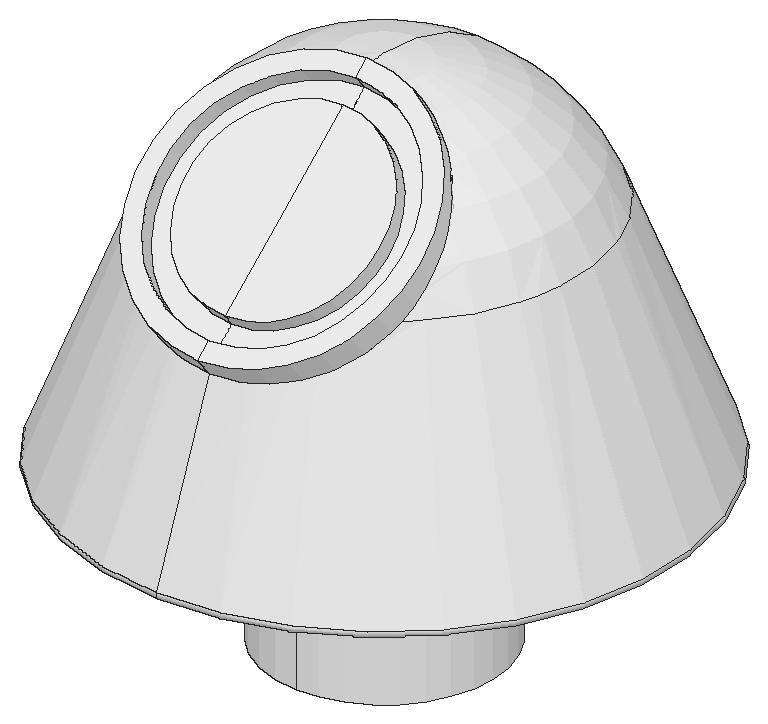
Revit family "PRD_FrankeWS_WlMntdBbTps_WallOutlet_ZTAPS0004", category Plumbing Fixtures, host Face, Revit 2018
Family settings
  Host = Face
  Round Connector Dimension = Use Diameter
  Part Type = Normal
  OmniClass Number = 23.45.55.14
  OmniClass Title = Single Faucets
  Cut with Voids When Loaded = Yes
  Shared = Yes
  Room Calculation Point = No
Parameters (values of type "ZTAPS0004")
  WarrantyStartDate [instance] = "1900-12-31T23:59:59"
  WarrantyGuarantorParts = "n/a"
  WarrantyGuarantorLabor = "n/a"
  WarrantyDurationUnit = "year"
  WarrantyDurationParts = "n/a"
  WarrantyDurationLabor = "n/a"
  WarrantyDescription = "n/a"
  VolumeFlowRate = "n/a"
  Version = "1"
  Uniclass2015Version = "Products v1.23"
  Uniclass2015Title = "Wall-mounted bib taps"
  Uniclass2015Code = "Pr_40_20_87_93"
  URL = "www.kwc.com"
  TypeOfSpout = "Wall outlet"
  TypeOfExtension = "n/a"
  TagNumber [instance] = "n/a"
  SustainabilityPerformance = "n/a"
  SpoutProjection = "36.00 mm"
  Size = "n/a"
  ShowerMaterial = PRD_AR_ChromatedBrass_HighPolished
  Shape = "n/a"
  SerialNumber [instance] = "n/a"
  Revision = "n/a"
  ReplacementCost = "n/a"
  ProductInformation = "https://pim.kwc.com/product/2000107291/attachment/datasheet?locale=en"
  ProductCode = "208.0530.997"
  NominalWidth = 55.00 mm
  NominalHeight = 55.00 mm
  NominalDepth = 0.00 mm
  NetWeight = 0.35 kg
  Name = "Wall Outlet ZTAPS0004"
  NBSTypeID = "n/a"
  NBSReference = "45-35-70/345"
  NBSOfficeMasterTag = "n/a"
  NBSNote = "n/a"
  NBSDescription = "Taps and water supply fittings for sinks"
  NBSCertification = "n/a"
  ModelReference = "ZTAPS0004"
  ModelNumber = "2000107291"
  Model = ModelReference  # "ZTAPS0004"
  Material = "Brass"
  ManufacturerURL = "www.kwc.com"
  ManufacturerName = "KWC Group AG"  # constant formula
  Manufacturer = ManufacturerName  # "KWC Group AG"
  IntegralAccessories = "n/a"
  InstallationDate [instance] = "1900-12-31T23:59:59"
  IfcExportType = "FAUCET"
  IfcExportAs = "IfcValveType"
  GrossWeight = 0.40 kg
  Grade = "n/a"
  Flow = 0.06 L/s
  Finish = "polished chromium-plated"
  Features = "polished chromium-plated brass"
  FaucetType = "Bib"
  FaucetTopDescription = "n/a"
  FaucetOperation = "QuickAction"
  FaucetFunction = "Mixed"
  ExpectedLife = "n/a"
  DurationUnit = "year"
  DiameterNominal = 15.00 mm
  Description = "Wall outlet, DN 15, polished chromium-plated brass, suicide-inhibiting design, with theft-proof aerator and integrated flow control 0.063 l/s, tilt angle 50°, projection 28 mm."
  Default Elevation = 2000.00 mm
  CreatedOn = "04/2022"  # constant formula
  Constituents = "n/a"
  Color = "Chrome"
  CodePerformance = "n/a"
  Category = "Pr_40_20_87_93, Wall-mounted bib taps"
  BarCode [instance] = "n/a"
  BIMObjectName = "PRD_AR_WallMountedBibTaps_WallOutlet_ZTAPS0004"
  Author = "Archispace"  # constant formula
  AssetType = "Fixed"
  AssetIdentifier [instance] = "n/a"
  AccessibilityPerformance = "n/a"
Reference planes
  plane 1 "Center (Front/Back)": y = 0
  plane 2: z = 0
  plane 3 "Center (Left/Right)": x = 0
Forms (mm)
  Revolve 1, void
    sketch origin (0, 0, 0) x (0, 1, 0) y (0, 0, 1)
      loop
        line (0, 0) -> (0, -15) -> (10.478, -15) -> (10.478, 0) -> (0, 0)
      axis (0, 0) -> (0, -15)
    angle from 0 to 360
  Revolve 2, solid, material "PRD_AR_ChromatedBrass_HighPolished" <- "ShowerMaterial", detail levels fine
    sketch origin (0, 0, 0) x (0, 1, 0) y (0, 0, 1)
      loop
        line (27.227, 0.685) -> (18.581, 22.399)
        arc (18.581, 22.399) -> (11.226, 31.553) -> (0, 35) r 20
        line (0, 35) -> (0, 0) -> (26.763, 0)
        arc (26.763, 0) -> (27.177, 0.219) -> (27.227, 0.685) r 0.5
      axis (0, 35) -> (0, 0)
    angle from 0 to 360
  Revolve 3, solid, material "PRD_AR_ChromatedBrass_HighPolished" <- "ShowerMaterial"
    sketch origin (0, 0, 0) x (0, 1, 0) y (0, 0, 1)
      loop
        line (0, 0) -> (0, -15) -> (10.478, -15) -> (10.478, 0) -> (0, 0)
      axis (0, 0) -> (0, -15)
    angle from 0 to 360
  Revolve 4, solid, material "PRD_AR_ChromatedBrass_HighPolished" <- "ShowerMaterial", detail levels fine
    sketch origin (0, 0, 0) x (0, 1, 0) y (0, 0, 1)
      loop
        line (-2.035, 35.484) -> (-3.376, 34.359) -> (-2.324, 33.106) -> (-4.048, 31.66) -> (-4.971, 32.76) -> (-12.057, 26.814) -> (-6.266, 19.913) -> (3.884, 28.43) -> (-2.035, 35.484)
      axis (-6.266, 19.913) -> (-12.185, 26.967)
    angle from 0 to 360
  Revolve 5, void
    sketch origin (0, 0, 0) x (0, 1, 0) y (0, 0, 1)
      loop
        line (-5.333, 39.415) -> (-15.483, 30.898) -> (-6.266, 19.913) -> (3.884, 28.43) -> (-5.333, 39.415)
      axis (-6.266, 19.913) -> (-15.483, 30.898)
    angle from 0 to 360
  Revolve 6, solid, material "PRD_AR_ChromatedBrass_HighPolished" <- "ShowerMaterial", detail levels medium
    sketch origin (0, 0, 0) x (0, 1, 0) y (0, 0, 1)
      loop
        line (27.227, 0.685) -> (18.581, 22.399)
        arc (18.581, 22.399) -> (11.226, 31.553) -> (0, 35) r 20
        line (0, 35) -> (0, 0) -> (26.763, 0)
        arc (26.763, 0) -> (27.177, 0.219) -> (27.227, 0.685) r 0.5
      axis (0, 35) -> (0, 0)
    angle from 0 to 360
  Extrusion 7, solid, material "PRD_AR_ChromatedBrass_HighPolished" <- "ShowerMaterial", detail levels coarse
    sketch origin (0, 0, 42.5) x (0, 1, 0) y (-1, 0, 0)
      loop
        circle (0, 0) r 27.5
    from -42.5 to -7.5
Cuts and joins
  Revolve 5 cuts Revolve 2
  joined: Revolve 2, Revolve 4
Dimensions and locks
  aligned and locked: plane 2 to host face
  aligned and locked: level to host face
Automatic sketch dimensions
  host sketch curve to host sketch curve = 403.276 mm
  host sketch curve to host sketch curve = 346.626 mm
  Revolve 1 sketch curve to level = 0.00 mm
  Revolve 1 sketch curve to plane 1 "Center (Front/Back)" = 0.00 mm  (x2)
  Revolve 1 sketch curve to Revolve 1 sketch curve = 10.478 mm
  Revolve 1 sketch curve to level = 15.00 mm
  Revolve 1 sketch curve to Revolve 1 sketch curve = 9.50 mm
  Revolve 1 sketch curve to Revolve 1 sketch curve = 8.025 mm
  Revolve 2 sketch curve to plane 1 "Center (Front/Back)" = 0.00 mm  (x2)
  Revolve 2 sketch curve to level = 0.00 mm
  Revolve 2 sketch curve to plane 1 "Center (Front/Back)" = 18.581 mm
  Revolve 2 sketch curve to Revolve 2 sketch curve = 8.182 mm
  level to Revolve 2 sketch curve = 0.685 mm
  Revolve 2 sketch curve to Revolve 2 sketch curve = 0.465 mm
  Revolve 2 sketch curve to Revolve 2 sketch curve = 15.00 mm
  Revolve 2 sketch curve to Revolve 2 sketch curve = 7.511 mm
  Revolve 2 sketch curve to Revolve 2 sketch curve = 12.489 mm
  Revolve 3 sketch curve to level = 0.00 mm
  Revolve 3 sketch curve to plane 1 "Center (Front/Back)" = 0.00 mm  (x2)
  Revolve 3 sketch curve to Revolve 3 sketch curve = 10.478 mm
  Revolve 3 sketch curve to level = 15.00 mm
  Revolve 3 sketch curve to Revolve 3 sketch curve = 15.765 mm
  Revolve 3 sketch curve to Revolve 3 sketch curve = 7.234 mm
  plane 1 "Center (Front/Back)" to Revolve 4 sketch curve = 12.057 mm
  plane 1 "Center (Front/Back)" to Revolve 4 sketch curve = 6.266 mm
  plane 1 "Center (Front/Back)" to Revolve 4 sketch curve = 4.971 mm
  Revolve 4 sketch curve to Revolve 4 sketch curve = 0.923 mm
  Revolve 4 sketch curve to Revolve 4 sketch curve = 1.595 mm
  Revolve 4 sketch curve to Revolve 4 sketch curve = 1.052 mm
  Revolve 4 sketch curve to Revolve 4 sketch curve = 1.341 mm
  level to Revolve 4 sketch curve = 19.913 mm
  Revolve 4 sketch curve to Revolve 4 sketch curve = 6.901 mm
  Revolve 4 sketch curve to Revolve 4 sketch curve = 4.043 mm
  Revolve 4 sketch curve to Revolve 4 sketch curve = 0.777 mm
  Revolve 4 sketch curve to Revolve 4 sketch curve = 0.926 mm
  Revolve 4 sketch curve to Revolve 4 sketch curve = 4.818 mm
  plane 1 "Center (Front/Back)" to Revolve 5 sketch curve = 15.483 mm
  plane 1 "Center (Front/Back)" to Revolve 5 sketch curve = 6.266 mm
  plane 1 "Center (Front/Back)" to Revolve 5 sketch curve = 5.333 mm
  level to Revolve 5 sketch curve = 19.913 mm
  Revolve 5 sketch curve to Revolve 5 sketch curve = 8.517 mm
  Revolve 5 sketch curve to Revolve 5 sketch curve = 0.616 mm
  Revolve 5 sketch curve to Revolve 5 sketch curve = 0.777 mm
  Revolve 5 sketch curve to Revolve 5 sketch curve = 0.926 mm
  Revolve 5 sketch curve to Revolve 5 sketch curve = 0.734 mm
  Revolve 6 sketch curve to level = 0.00 mm
  level to Revolve 6 sketch curve = 15.00 mm
  plane 1 "Center (Front/Back)" to Revolve 6 sketch curve = 0.00 mm
  level to Revolve 6 sketch curve = 22.399 mm
  Revolve 6 sketch curve to Revolve 6 sketch curve = 18.581 mm
  Revolve 6 sketch curve to plane 1 "Center (Front/Back)" = 26.763 mm
  level to Revolve 6 sketch curve = 0.685 mm
  Revolve 6 sketch curve to Revolve 6 sketch curve = 0.00 mm
  Revolve 6 sketch curve to Revolve 6 sketch curve = 7.511 mm
  Revolve 6 sketch curve to Revolve 6 sketch curve = 12.489 mm
  plane 1 "Center (Front/Back)" to Extrusion 7 sketch curve = 0.00 mm
  Extrusion 7 sketch curve to plane 3 "Center (Left/Right)" = 0.00 mm
  radius of Extrusion 7 sketch curve = 27.50 mm
Connectors
  piping at (0, 0, -15), diameter 15, driven by "DiameterNominal", driven by "Flow"
    settings: on Revolve 3, index 1, connector inside diameter 609.60 mm, connector length 0.00 mm, flow factor 0, pipe flow 0.06 L/s, pressure drop 0.0 Pa, fitting loss kfactor 0, connector angle 0.00°, fixture units 0, engagement length 0.00 mm, angle of deflection 0.00°, flow configuration 2, flow direction 1, fitting loss method 0, system type 7, joint type 0, gender type 0, connector reference index -1, connector utility 0, adjustable connector no, is connector primary yes, connector description ""
